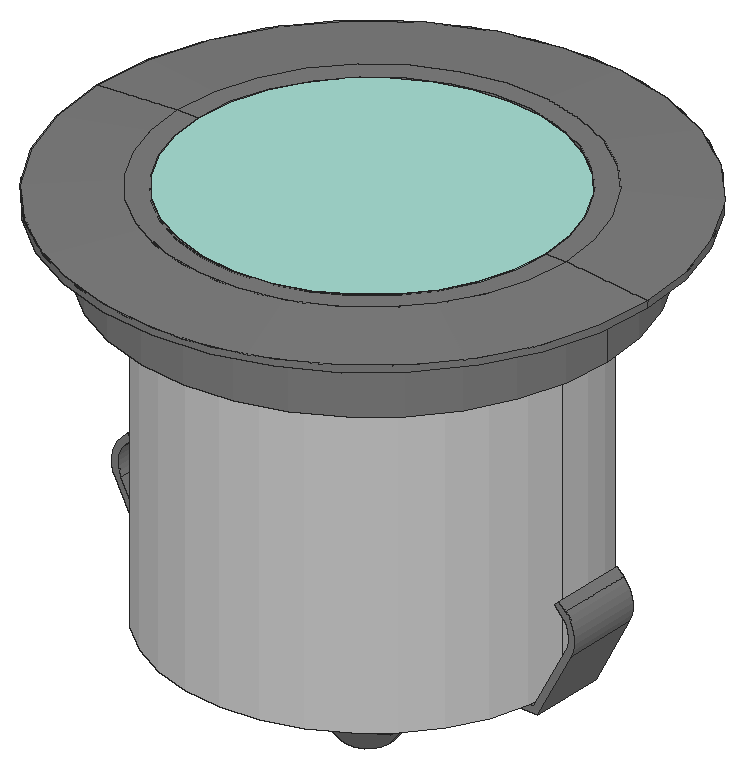
Revit family "Smoothy 2.8", category Lighting Fixtures, host Face, Revit 2017
Family settings
  Host = Face
  Round Connector Dimension = Use Diameter
  Part Type = Normal
  Cut with Voids When Loaded = Yes
  Light Source = Yes
  Shared = No
  Room Calculation Point = No
Parameters (values of type "Smoothy 2.8_F 30° (3000K 3.5W 24Vdc)")
  Wiring = "-"
  Width mm = 84 mm
  Weight kg = "0.3"
  Wattage = 1 W
  built-in parameter 1150110 = 1 (stored number, unit not read)
  Voltage = 24 V
  Vertical Rotation min [instance] = 75.00°
  Vertical Rotation max [instance] = 105.00°
  Vertical Rotation Adjusted [instance] = if(Vertical Rotation < Vertical Rotation min, Vertical Rotation min, (if(Vertical Rotation > Vertical Rotation max, Vertical Rotation max, Vertical Rotation)))  # 90.00°
  URL Accessories and power supply units = "https://www.lucelight.it/en/prodotto.php/107383#a-scheda-accessori"
  URL = "https://www.lucelight.it/en/prodotto.php/107383"
  built-in parameter 1114217 = 1 (stored number, unit not read)
  Tiltable = "± 15°"
  Vertical Rotation [instance] = 90.00°
  URL Technical sheet = "https://www.lucelight.it/media/prodotti/st/ST_SMOOTHY_28.pdf"
  URL Image = "https://www.lucelight.it/media/prodotti/foto/smoothy_2.8_still.jpg"
  URL IES Photometric file = "https://www.lucelight.it/media/prodotti/fotometrie/smoothy_2.8_ies.zip"
  URL General code = "https://www.lucelight.it/en/prodotto.php/107383#a-generacodice"
  URL Description = "https://www.lucelight.it/en/capitolato.php/107383"
  URL DXF = "https://www.lucelight.it/media/prodotti/dxf/smoothy_2.8.dxf"
  URL Catalogue = "https://www.lucelight.it/media/prodotti/brochure/smoothy_2.8_brochure_en.pdf"
  Trim = L&L_Steel inox AISI 316L
  Tilt Angle = 90.00°
  built-in parameter 1150109 = 1 (stored number, unit not read)
  built-in parameter 1150134 = (empty or 0)
  built-in parameter 1150113 = 1 (stored number, unit not read)
  Radius Void = 37.5 mm
  Power supply unit = "not included"
  Power supply = "24Vdc"
  Power cables = "includes 1.5 m neoprene cable H05RN-F 2x0.75/0.75 Ø6.3 mm"
  Power = "3.5W (also available: 2.5W - ref. URL Technical sheet)"
  Photometric Web File = "SMOOTHY 2.8 F 30° [3000K 3.5W 24Vdc].IES"
  Optics = "30°"
  Notes = "version with honeycomb louvre available on request"
  No. and type of led = "1 power LED"
  Mounting = "recessed (ceiling, wall, ground)"
  Model = "Smoothy 2.8"
  Material = "body in anodized aluminium, trim in AISI 316L stainless steel screen in tempered, transparent extra-clear glass"
  Manufacturer = "L&L Luce&Light"
  built-in parameter 1150105 = 15.597 (stored number, unit not read)
  Lumens = 196 lm
  built-in parameter 1150115 = 1 (stored number, unit not read)
  Lumen output at source = "168 lm (3000K, 2.5W, CRI 80); 147 lm (3000K, 2.5W, CRI 90); 224 lm (3000K, 3.5W, CRI 80); 196 lm (3000K, 3.5W, CRI 90)"
  built-in parameter 1150137 = (empty or 0)
  built-in parameter 1150139 = (empty or 0)
  Lens = L&L_Tempered extra-clear glass
  Length mm = 84 mm
  built-in parameter 1150112 = 1 (stored number, unit not read)
  built-in parameter 1150114 = 1 (stored number, unit not read)
  LED Colour = "3000K (also available: 2700K and 4000K - ref. URL Technical sheet)"
  built-in parameter 1150132 = 2
  built-in parameter 1150102 = (empty or 0)
  built-in parameter 1150107 = 3000 (stored number, unit not read)
  built-in parameter 1150138 = (empty or 0)
  built-in parameter 1150106 = 0.15597 (stored number, unit not read)
  IP = "67"
  Height mm = 75 mm
  Height Void = 67 mm
  Geometry = Smoothy 2.8_mod : Smoothy 2.8
  Features = "-"
  Energy efficiency class = "A A+ A++"
  built-in parameter 1150104 = 18.209 (stored number, unit not read)
  Dimming Lamp Color Temperature Shift = <None>
  Description = "recessed for outdoor applications"
  Delivered lumen output = "141 lm (3000K, 22°, 2.5W, CRI 80); 125 lm (3000K, 22°, 2.5W, CRI 90); 188 lm (3000K, 22°, 3.5W, CRI 80); 165 lm (3000K, 22°, 3.5W, CRI 90)"
  Default Elevation = 1219.2 mm
  Cutout dimensions = "diam. 75 mm"
  Control system = "-"
  Contact = "T: +39 0444 360571; E: lucelight@lucelight.it"
  Company = "L&L Luce&Light"
  Color Filter = 16777215
  Code = "SY2800 I; SY2801 I"
  CRI = "90 (also available: CRI 80 - ref. URL Technical sheet)"
  Body = L&L_Anodized aluminium
  built-in parameter 1114218 = 1 (stored number, unit not read)
  built-in parameter 1150133 = 10 (stored number, unit not read)
  Apparent Load Phase 1 = 3.5 W
  Apparent Load = 0 VA
Types (5, lengths in mm): name | Wattage | Photometric Web File | Optics | built-in parameter 1150104
  Smoothy 2.8_F 30° (3000K 3.5W 24Vdc) | 1 W | "SMOOTHY 2.8 F 30° [3000K 3.5W 24Vdc].IES" | "30°" | 18.209 (stored number, unit not read)
  Smoothy 2.8_L 48° (3000K 3.5W 24Vdc) | 1.31949 W | "SMOOTHY 2.8 L 48° [3000K 3.5W 24Vdc].IES" | "48°" | 13.8 (stored number, unit not read)
  Smoothy 2.8_M 22° (3000K 3.5W 24Vdc) | 1.31949 W | "SMOOTHY 2.8 M 22° [3000K 3.5W 24Vdc].IES" | "22°" | 13.8 (stored number, unit not read)
  Smoothy 2.8_P 35° (3000K 3.5W 24Vdc) | 1.31949 W | "SMOOTHY 2.8  P (35°) [3000K 3.5W 24Vdc].IES" | "35°" | 13.8 (stored number, unit not read)
  Smoothy 2.8_S 13° (3000K 3.5W 24Vdc) | 1.31949 W | "SMOOTHY 2.8  S 13° [3000K 3.5W 24Vdc].IES" | "13°" | 13.8 (stored number, unit not read)
Reference planes
  plane 1 "Center (Front/Back)": y = 0
  plane 2: z = 0
  plane 3 "Center (Left/Right)": x = 0
  plane 4: z = -67
Forms (mm)
  Extrusion 1, void
    sketch origin (0, 0, 0) x (1, 0, 0) y (0, 1, 0)
      loop
        circle (0, 0) r 37.5
    from -67 to 0
Dimensions and locks
  "Height Void": plane 4 to plane 2
  "Radius Void": radius of Extrusion 1 sketch curve
  aligned and locked: plane 2 to host face
  aligned and locked: level to host face
  aligned and locked: Extrusion 1 to plane 4
  aligned and locked: plane 2 to Extrusion 1
Automatic sketch dimensions
  host sketch curve to host sketch curve = 2438.4 mm  (x2)
  plane 1 "Center (Front/Back)" to Extrusion 1 sketch curve = 0 mm
  Extrusion 1 sketch curve to plane 3 "Center (Left/Right)" = 0 mm
Nested families
  nested 1: "Smoothy 2.8_mod" at (0, 0, 0), type <- "Geometry", type "Smoothy 2.8"
Connectors
  electrical at (0, 0, 0), driven by "Apparent Load Phase 1", driven by "Voltage"
    settings: index 1, voltage 24 V, apparent load 0 VA, apparent load phase1 3.5 VA, apparent load phase2 0 VA, apparent load phase3 0 VA, power factor 1, load classification "Lighting", number of poles 1, system type 31, power factor state 1, is connector primary yes, connector utility no, sub classification motor no, connector description ""
Definition of nested family "Smoothy 2.8_mod"
  Parameters (values of type "Smoothy 2.8")
    Wing 2.8 = yes
    Vertical rotation = 10.00°
    Trim = none
    Thickness small shape ring = 2.41 mm
    Thickness small ring = 1.5 mm
    Thickness shape ring = 17.049 mm
    Thickness ring medium view = 13 mm
    Thickness middle ring fine view = 9.5 mm
    Thickness Lower ring 1 = 45.5 mm
    Thickness = 2 mm
    Radius small ring = 33 mm
    Radius shaped 4 = 10.726 mm
    Radius shaped 3 = 34.5 mm
    Radius shaped 2 = 13.325 mm
    Radius shaped 1 = 10.513 mm
    Radius middle ring fine view = 35.9 mm
    Radius Void = 26.5 mm
    Radius Lower ring 1 = 29 mm
    Radius 2 = 29 mm
    Radius = 42 mm
    Lens = none
    Internal radius = 29.6 mm
    Height void = 29.5 mm
    Height = 75 mm
    Default Elevation = 1219.2 mm
    Bottom 2.8 = yes
    Body = none
  Reference planes
    plane 1 "Light Source Axis (F/B)": y = 0
    plane 2: z = 0
    plane 3 "Light Source Axis (L/R)": x = 0
    plane 4 "Light Source Elevation": z = 1500
    plane 5: z = -73
    plane 6: z = 2
    plane 7: z = -11
    plane 8: x = -17.25
    plane 9: x = 17.25
    plane 10: z = -63
    plane 11: z = 1
    plane 12: z = -9.5
    plane 13: x = -23.75
    plane 14: x = 23.75
    plane 15: z = -11
    plane 16: z = -56.5
    plane 17: z = -73.549
    plane 18: z = -27.5
    plane 19: z = -61.5
    plane 20: y = -15.8
  Forms (mm)
    Extrusion 1, solid, material <- "Body", detail levels coarse
      sketch origin (0, 0, 0) x (1, 0, 0) y (0, 1, 0)
        loop
          circle (0, 0) r 42
      from -73 to 2
    Extrusion 2, solid, material <- "Trim", detail levels medium
      sketch origin (0, 0, 0) x (1, 0, 0) y (0, 1, 0)
        loop
          circle (0, 0) r 42
      from 2 to -11
    Extrusion 3, solid, material <- "Body", detail levels medium
      sketch origin (0, 0, 0) x (1, 0, 0) y (0, 1, 0)
        loop
          circle (0, 0) r 29
      from -11 to -73
    Extrusion 4, void
      sketch origin (0, 0, 0) x (1, 0, 0) y (0, 1, 0)
        loop
          circle (0, 0) r 26.5
      from 2 to -63
    Extrusion 5, solid, material <- "Lens", detail levels medium
      sketch origin (0, 0, 0) x (1, 0, 0) y (0, 1, 0)
        loop
          circle (0, 0) r 26.5
      from 2 to 1
    Extrusion 6, solid, material <- "Trim", detail levels fine
      sketch origin (0, 0, 0) x (1, 0, 0) y (0, 1, 0)
        loop
          circle (0, 0) r 42
      from 0 to 1
    Extrusion 7, solid, material <- "Trim", detail levels fine
      sketch origin (0, 0, 0) x (1, 0, 0) y (0, 1, 0)
        loop
          circle (0, 0) r 35.9
      from 0 to -9.5
    Extrusion 8, solid, material <- "Trim", detail levels fine
      sketch origin (0, 0, 0) x (1, 0, 0) y (0, 1, 0)
        loop
          circle (0, 0) r 33
      from -9.5 to -11
    Extrusion 9, solid, material <- "Body", detail levels fine
      sketch origin (0, 0, 0) x (1, 0, 0) y (0, 1, 0)
        loop
          circle (0, 0) r 29
      from -11 to -56.5
    Extrusion 10, solid, material <- "Lens", detail levels fine
      sketch origin (0, 0, 0) x (1, 0, 0) y (0, 1, 0)
        loop
          circle (0, -0.3) r 26.5
      from 2 to 1
    Revolve 11, solid, material <- "Trim"
      sketch origin (0, 0, 0) x (1, 0, 0) y (0, 0, 1)
        loop
          line (-26.5, 2) -> (-29.6, 2) -> (-42, 1) -> (-26.5, 1) -> (-26.5, 2)
        axis (0, 2) -> (0, 1)
      angle from 0 to 360
  Cuts and joins
    Extrusion 4 cuts Extrusion 2
    Extrusion 4 cuts Extrusion 3
  Dimensions and locks
    "Height": plane 5 to plane 6
    "Thickness": plane 6 to plane 2
    "Thickness ring medium view": plane 7 to plane 6
    locked: plane 5 to plane 10 at 10
    locked: Extrusion 5 to Extrusion 5 at 1
    locked: level to plane 11 at 1
    "Thickness middle ring fine view": plane 12 to plane 2
    "Thickness small ring": plane 15 to plane 12
    "Thickness Lower ring 1": plane 16 to plane 15
    "Thickness shape ring": plane 17 to plane 16
    "Height void": plane 18 to plane 6
    "Radius": radius of Extrusion 1 sketch curve
    "Radius": radius of Extrusion 2 sketch curve
    "Radius 2": radius of Extrusion 3 sketch curve
    "Radius Void": radius of Extrusion 4 sketch curve
    "Radius Void": radius of Extrusion 5 sketch curve
    "Radius": radius of Extrusion 6 sketch curve
    "Radius middle ring fine view": radius of Extrusion 7 sketch curve
    "Radius small ring": radius of Extrusion 8 sketch curve
    "Radius Lower ring 1": radius of Extrusion 9 sketch curve
    "Radius Void": radius of Extrusion 10 sketch curve
    aligned and locked: level to plane 2
    aligned and locked: plane 6 to Extrusion 1
    aligned and locked: Extrusion 1 to plane 5
    aligned and locked: Extrusion 2 to plane 6
    aligned and locked: Extrusion 2 to plane 7
    aligned and locked: Extrusion 3 to plane 7
    aligned and locked: Extrusion 3 to plane 5
    aligned and locked: plane 6 to Extrusion 4
    aligned and locked: Extrusion 4 to plane 10
    aligned and locked: Extrusion 5 to plane 6
    aligned and locked: Extrusion 6 to plane 2
    aligned and locked: plane 11 to Extrusion 6
    aligned and locked: Extrusion 7 to plane 2
    aligned and locked: Extrusion 7 to plane 12
    aligned and locked: Extrusion 8 to plane 12
    aligned and locked: Extrusion 8 to plane 15
    aligned and locked: Extrusion 9 to plane 15
    aligned and locked: Extrusion 9 to plane 16
    aligned and locked: Extrusion 10 to plane 6
    aligned and locked: Extrusion 10 to plane 11
  Automatic sketch dimensions
    Revolve 11 sketch curve to plane 11 = 0 mm
    Revolve 11 sketch curve to plane 6 = 0 mm
    Revolve 11 sketch curve to plane 3 "Light Source Axis (L/R)" = 0 mm
    Revolve 11 sketch curve to plane 13 = 2.75 mm
    Revolve 11 sketch curve to Revolve 11 sketch curve = 3.1 mm
    Revolve 11 sketch curve to Revolve 11 sketch curve = 12.4 mm
    plane 18 to Revolve 11 sketch curve = 3.969 mm
    plane 6 to Revolve 11 sketch curve = 15.327 mm
    plane 1 "Light Source Axis (F/B)" to Extrusion 1 sketch curve = 0 mm
    Extrusion 1 sketch curve to plane 3 "Light Source Axis (L/R)" = 0 mm
    plane 1 "Light Source Axis (F/B)" to Extrusion 2 sketch curve = 0 mm
    Extrusion 2 sketch curve to plane 3 "Light Source Axis (L/R)" = 0 mm
    plane 1 "Light Source Axis (F/B)" to Extrusion 3 sketch curve = 0 mm
    Extrusion 3 sketch curve to plane 3 "Light Source Axis (L/R)" = 0 mm
    plane 1 "Light Source Axis (F/B)" to Extrusion 4 sketch curve = 0 mm
    Extrusion 4 sketch curve to plane 3 "Light Source Axis (L/R)" = 0 mm
    plane 1 "Light Source Axis (F/B)" to Extrusion 5 sketch curve = 0 mm
    Extrusion 5 sketch curve to plane 3 "Light Source Axis (L/R)" = 0 mm
    plane 1 "Light Source Axis (F/B)" to Extrusion 6 sketch curve = 0 mm
    Extrusion 6 sketch curve to plane 3 "Light Source Axis (L/R)" = 0 mm
    plane 1 "Light Source Axis (F/B)" to Extrusion 7 sketch curve = 0 mm
    Extrusion 7 sketch curve to plane 3 "Light Source Axis (L/R)" = 0 mm
    plane 1 "Light Source Axis (F/B)" to Extrusion 8 sketch curve = 0 mm
    Extrusion 8 sketch curve to plane 3 "Light Source Axis (L/R)" = 0 mm
    plane 1 "Light Source Axis (F/B)" to Extrusion 9 sketch curve = 0 mm
    Extrusion 9 sketch curve to plane 3 "Light Source Axis (L/R)" = 0 mm
    Extrusion 10 sketch curve to plane 3 "Light Source Axis (L/R)" = 0 mm
    plane 1 "Light Source Axis (F/B)" to Extrusion 10 sketch curve = 0.3 mm
  Nested families
    nested 1: "Smoothy_wing" at (21.382, 0, -56.5) x (-1, 0, 0) z (0, 0, 1), visible <- "Wing 2.8", type "Smoothy_wing", detail levels fine
    nested 2: "Smoothy_wing" at (-21.382, 0, -56.5), visible <- "Wing 2.8", type "Smoothy_wing", detail levels fine
    nested 3: "Family1" at (0, -0.922, -69.668), visible <- "Bottom 2.8", type "Family1", detail levels fine
  Definition of nested family "Smoothy_wing"
    Parameters (values of type "Smoothy_wing")
      Trim = none
      Default Elevation = 1219.2 mm
    Reference planes
      plane 1 "Light Source Axis (F/B)": y = 0
      plane 2: z = 0
      plane 3 "Light Source Axis (L/R)": x = 0
      plane 4 "Light Source Elevation": z = 1500
    Forms (mm)
      Extrusion 1, solid, material <- "Trim"
        sketch origin (81.397, 5.508, -204.885) x (1, 0, 0) y (0, 0, 1)
          loop
            arc (-93.894, 214.108) -> (-94.299, 216.563) -> (-93.174, 218.783) r 4
            line (-93.174, 218.783) -> (-92.184, 219.773) -> (-92.891, 220.48) -> (-93.882, 219.49)
            arc (-93.882, 219.49) -> (-95.288, 216.715) -> (-94.781, 213.646) r 5
            line (-94.781, 213.646) -> (-89.7, 203.885) -> (-81.397, 203.885) -> (-81.397, 204.885) -> (-89.093, 204.885) -> (-93.894, 214.108)
        from 0 to 11
      Blend 2, solid, material <- "Trim"
        base sketch origin (65.992, 6.052, -1) x (1, 0, 0) y (0, 1, 0)
          loop
            circle (-69.866, -6.044) r 3.6
        top sketch origin (65.992, 6.052, -1) x (1, 0, 0) y (0, 1, 0)
          loop
            circle (-69.866, -6.044) r 1.95
        from 0 to -1.8
    Dimensions and locks
      aligned and locked: level to plane 2
  Definition of nested family "Family1"
    Parameters (values of type "Family1")
      Trim = none
      Default Elevation = 1219.2 mm
    Reference planes
      plane 1 "Light Source Axis (F/B)": y = 0
      plane 2: z = 0
      plane 3 "Light Source Axis (L/R)": x = 0
      plane 4 "Light Source Elevation": z = 1500
    Forms (mm)
      Extrusion 1, solid, material <- "Trim"
        sketch origin (36.054, -14.716, 0) x (1, 0, 0) y (0, 1, 0)
          loop
            line (-36.054, 22.466) -> (-42.766, 18.591) -> (-42.766, 10.841) -> (-36.054, 6.966) -> (-29.343, 10.841) -> (-29.343, 18.591) -> (-36.054, 22.466)
        from 1.168 to 6.668
      Extrusion 2, solid, material <- "Trim"
        sketch origin (36.054, -14.716, 0) x (1, 0, 0) y (0, 1, 0)
          loop
            circle (-36.054, 14.716) r 6
        from 6.668 to 9.668
      Extrusion 3, solid, material <- "Trim"
        sketch origin (36.054, -14.716, 0) x (1, 0, 0) y (0, 1, 0)
          loop
            line (-36.054, 22.466) -> (-42.766, 18.591) -> (-42.766, 10.841) -> (-36.054, 6.966) -> (-29.343, 10.841) -> (-29.343, 18.591) -> (-36.054, 22.466)
        from 9.668 to 13.168
      Blend 4, solid, material <- "Trim"
        base sketch origin (36.054, -14.716, 1.168) x (1, 0, 0) y (0, 1, 0)
          loop
            circle (-36.054, 14.716) r 6.7
        top sketch origin (36.054, -14.716, 1.168) x (1, 0, 0) y (0, 1, 0)
          loop
            circle (-36.054, 14.716) r 3.5
        from 0 to -4
      Extrusion 5, solid, material <- "Trim", not visible
        sketch origin (30, 0, 0) x (1, 0, 0) y (0, 1, 0)
          loop
            line (-36.054, 22.466) -> (-42.766, 18.591) -> (-42.766, 10.841) -> (-36.054, 6.966) -> (-29.343, 10.841) -> (-29.343, 18.591) -> (-36.054, 22.466)
        from 1.168 to 6.668
      Extrusion 6, solid, material <- "Trim", not visible
        sketch origin (30, 0, 0) x (1, 0, 0) y (0, 1, 0)
          loop
            circle (-36.054, 14.716) r 6
        from 6.668 to 9.668
      Extrusion 7, solid, material <- "Trim", not visible
        sketch origin (30, 0, 0) x (1, 0, 0) y (0, 1, 0)
          loop
            line (-36.054, 22.466) -> (-42.766, 18.591) -> (-42.766, 10.841) -> (-36.054, 6.966) -> (-29.343, 10.841) -> (-29.343, 18.591) -> (-36.054, 22.466)
        from 9.668 to 13.168
      Blend 8, solid, material <- "Trim", not visible
        base sketch origin (30, 0, 1.168) x (1, 0, 0) y (0, 1, 0)
          loop
            circle (-36.054, 14.716) r 6.7
        top sketch origin (30, 0, 1.168) x (1, 0, 0) y (0, 1, 0)
          loop
            circle (-36.054, 14.716) r 3.5
        from 0 to -4
    Dimensions and locks
      aligned and locked: level to plane 2
